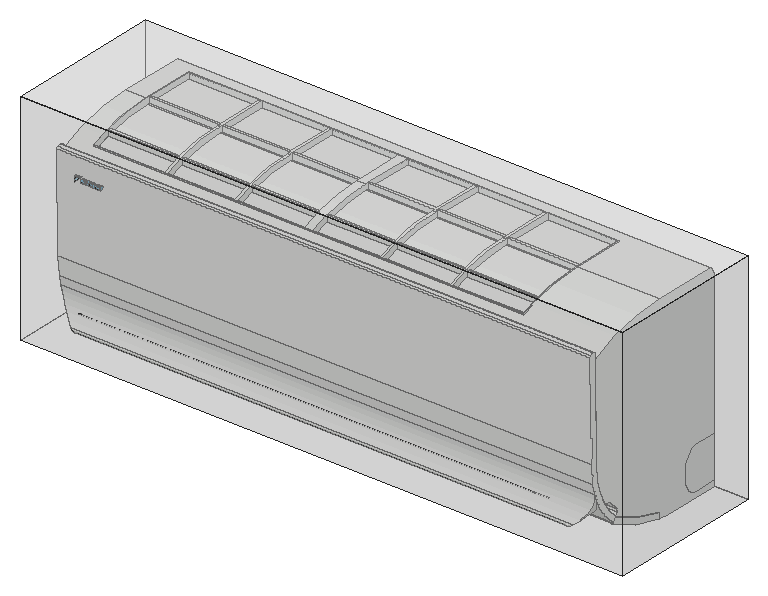
Revit family "outputfile", category 機械設備, Revit 2024
Family settings
  丸型コネクタ寸法 = 半径を使用
  パーツ タイプ = 標準
  OmniClass 番号 = 23.75.10.24.21.27.27
  OmniClass タイトル = Split System Air Conditioning Units
  作業面ベース = いいえ
  常に垂直 = はい
  ロード時にボイドで切り取り = いいえ
  注釈の向きを維持 = いいえ
  共有 = いいえ
  部屋計算ポイント = いいえ
Parameters (values of type "FTKQ09YV2S")
  製造元 = "Daikin"
  書き出し IFC クラス(タイプ) = "IfcUnitaryEquipmentType"
  定義済み IFC タイプ(タイプ) = "AIRCONDITIONINGUNIT"
  モデル = "FTKQ09YV2S"
  switch_frequency = yes
  r_Liquid Pipe Size = Liquid Pipe Size / 2  # 3.2 mm
  r_Gas Pipe Size = Gas Pipe Size / 2  # 4.75 mm
  r_Drain Pipe Size = Drain Pipe Size / 2  # 8.0 mm
  lw_powersupply [instance] = if(or(Right Connection_refrigerant, Left Connection_refrigerant), 348.0 mm, if(or(Rear Right Connection_refrigerant, Bottom Right Connection_refrigerant), 30.0 mm, 740.0 mm))  # 348.0 mm
  lw_liquidpipe [instance] = if(or(Right Connection_refrigerant, Left Connection_refrigerant), 433.0 mm, if(or(Rear Right Connection_refrigerant, Bottom Right Connection_refrigerant), 40.0 mm, 730.0 mm))  # 433.0 mm
  lw_gaspipe [instance] = if(or(Right Connection_refrigerant, Left Connection_refrigerant), if(Gas Pipe Size = 9.5 mm, 335.0 mm, 345.0 mm) + 48.0 mm, if(or(Rear Right Connection_refrigerant, Bottom Right Connection_refrigerant), 55.0 mm, 715.0 mm))  # 383.0 mm
  lw_drainpipe [instance] = if(or(Right Connection_refrigerant, Left Connection_refrigerant), 488.0 mm, if(or(Rear Right Connection_refrigerant, Bottom Right Connection_refrigerant), 55.0 mm, 715.0 mm))  # 488.0 mm
  l_powersupply_length [instance] = if(Right Connection_refrigerant, 348.0 mm, if(Left Connection_refrigerant, 422.0 mm, if(or(Rear Left Connection_refrigerant, Rear Right Connection_refrigerant), 20.0 mm, 50.0 mm)))  # 348.0 mm
  l_liquidpipe_length [instance] = if(Right Connection_refrigerant, 433.0 mm, if(Left Connection_refrigerant, 337.0 mm, if(or(Rear Left Connection_refrigerant, Rear Right Connection_refrigerant), 40.0 mm, 35.0 mm)))  # 433.0 mm
  l_gaspipe_length [instance] = if(Right Connection_refrigerant, if(Gas Pipe Size = 9.5 mm, 335.0 mm, 345.0 mm) + 48.0 mm, if(Left Connection_refrigerant, 770.0 mm - (if(Gas Pipe Size = 9.5 mm, 335.0 mm, 345.0 mm) + 48.0 mm), if(or(Rear Left Connection_refrigerant, Rear Right Connection_refrigerant), 40.0 mm, 50.0 mm)))  # 383.0 mm
  l_drainpipe_length [instance] = if(Right Connection_refrigerant, 488.0 mm, if(Left Connection_refrigerant, 282.0 mm, if(or(Rear Left Connection_refrigerant, Rear Right Connection_refrigerant), 20.0 mm, 25.0 mm)))  # 488.0 mm
  h*** = 0.0 mm  # constant formula
  connector_voltage = Voltage_50Hz  # 220 V
  connector_powerinput = [Power Input (Cooling)]  # 0.860 kW
  connector_phase = Phase_50Hz  # 1
  angle_vertical [instance] = if(or(Bottom Left Connection_refrigerant, Bottom Right Connection_refrigerant), 0.00°, 90.00°)  # 90.00°
  angle_horizontal [instance] = if(Right Connection_refrigerant, 90.00°, if(Left Connection_refrigerant, -90.00°, if(or(Rear Left Connection_refrigerant, Rear Right Connection_refrigerant), 180.00°, 0.00°)))  # 90.00°
  Width = 770.0 mm
  Voltage_comment_50Hz = "220 - 240"
  Voltage_50Hz = 220 V
  Version = "ver.1.0"
  Unit Type = "Wall Mounted"
  Unit Mass Weight = 8.00 kg
  Unit Designation [instance] = ""
  Uniclass2015Version = "Products v1.30"
  Uniclass2015Title = "Split coil room air conditioning units"
  Uniclass2015Code = "Pr_70_65_03_86"
  Total Cooling Capacity [instance] = 0.000 kW
  Sound Pressure Level_M speed (dBA) = 32
  Sound Pressure Level_L speed (dBA) = 27
  Sound Pressure Level_H speed (dBA) = 36
  Sound Power Level_H speed (dB) = 0
  Series = "Single Split_Fan Coil Unit"
  Sensible Cooling Capacity [instance] = 0.000 kW
  Refrigerant Type = "R32"
  Power Input (Cooling) = 0.860 kW
  Phase_50Hz = 1
  Option Accessory 3 [instance] = ""
  Option Accessory 2 [instance] = ""
  Option Accessory 1 [instance] = ""
  Nominal Cooling Capacity = 2.700 kW
  Minimum Airflow = 426.00 m³/h
  Median Airflow = 504.00 m³/h
  Maximum Airflow = 594.00 m³/h
  Material_Casing = DAIKIN_PureWhite_Casing_indoorunit
  Load Classification = HVAC
  Liquid Pipe Size = 6.4 mm
  Link_Nested Family [instance] = ""
  IfcVersion = ""
  IfcExportType = "AIRCONDITIONINGUNIT"
  IfcExportAs = "IfcUnitaryEquipmentType"
  Height = 285.0 mm
  Heat Exchanger Type = "Cross Fin Coil"
  Gas Pipe Size = 9.5 mm
  Frequency_50Hz = 50 Hz
  Fan Type = "Cross Flow Fan"
  Fan Drive = "Direct Drive"
  FCU Tag No. [instance] = ""
  Drain Pipe Size = 16.0 mm
  Design Supply Airflow [instance] = 0.00 m³/h
  Depth = 226.0 mm
  既定の高さ = 0.0 mm
  Cooling Entering Wet Bulb Temperature [instance] = 0.00 °C
  Cooling Entering Dry Bulb Temperature [instance] = 0.00 °C
  Cooling Ambient Wet Bulb Temperature [instance] = 0.00 °C
  Cooling Ambient Dry Bulb Temperature [instance] = 0.00 °C
  Clearance visibility [instance] = yes
  Clearance Top = 30.0 mm
  Clearance Right = 50.0 mm
  Clearance Rear = 0.0 mm
  Clearance Left = 50.0 mm
  Clearance Front = 0.0 mm
  Clearance Bottom = 0.0 mm
  Bottom Right Connection_refrigerant [instance] = no
  Bottom Left Connection_refrigerant [instance] = no
  Rear Right Connection_refrigerant [instance] = no
  Rear Left Connection_refrigerant [instance] = no
  Right Connection_refrigerant [instance] = yes
  Left Connection_refrigerant [instance] = no
Reference planes
  plane 1 "Back": y = 0
  plane 2: z = 0
  plane 3 "Center (Left/Right)": x = 0
  plane 4: y = -133
  plane 5: y = -266
  plane 6 "Left": x = -385
  plane 7 "Right": x = 385
  plane 8 "Top": z = 0
  plane 9: y = 0
  plane 10: z = -285
  plane 11 "Clearance Front": y = -226
  plane 12 "Bottom": z = -285
  plane 13: z = -285
  plane 14: z = 30
  plane 15 "Front": y = -226
  plane 16 "Clearance Rear": y = 0
  plane 17: x = 2
  plane 18: x = -48
  plane 19: x = -103
  plane 20: y = -40
  plane 21: y = -20
  plane 22: x = 37
  plane 23: x = -435
  plane 24: x = 435
  plane 25: x = 337
Forms (mm)
  Extrusion 1, solid, material "DAIKIN_PureWhite_Casing_indoorunit" <- "Material_Casing"
    sketch origin (-379, 1296.25, 1210) x (0, 1, 0) y (0, 0, 1)
      loop
        line (-1296.25, -1427) -> (-1326.25, -1427)
        arc (-1326.25, -1427) -> (-1340.393, -1432.858) -> (-1346.25, -1447) r 20
        line (-1346.25, -1447) -> (-1346.25, -1467)
        arc (-1346.25, -1467) -> (-1340.393, -1481.142) -> (-1326.25, -1487) r 20
        line (-1326.25, -1487) -> (-1296.25, -1487) -> (-1296.25, -1427)
    from 759 to 764
  Extrusion 2, solid, material "DAIKIN_PureWhite_Casing_indoorunit" <- "Material_Casing"
    sketch origin (-495, 1156.25, 1200) x (0, 1, 0) y (0, 0, 1)
      loop
        line (-1156.25, -1485) -> (-1156.25, -1208.5) -> (-1161.25, -1200) -> (-1254.25, -1200)
        arc (-1254.25, -1200) -> (-1314.413, -1207.347) -> (-1371.039, -1228.956) r 250
        arc (-1371.039, -1228.956) -> (-1370.963, -1294.87) -> (-1368.901, -1360.751) r 2186.827
        arc (-1368.901, -1360.751) -> (-1367.931, -1373.599) -> (-1366.216, -1386.369) r 221.844
        arc (-1366.216, -1386.369) -> (-1361.341, -1405) -> (-1353.083, -1422.397) r 103
        line (-1353.083, -1422.397) -> (-1345.22, -1422.397)
        arc (-1345.22, -1422.397) -> (-1343.826, -1422.741) -> (-1342.751, -1423.693) r 3
        arc (-1342.751, -1423.693) -> (-1337.001, -1431.196) -> (-1330.533, -1438.09) r 95
        arc (-1330.533, -1438.09) -> (-1329.645, -1439.831) -> (-1330.018, -1441.749) r 3
        line (-1330.018, -1441.749) -> (-1332.498, -1446.044)
        arc (-1332.498, -1446.044) -> (-1295.066, -1463.723) -> (-1255.079, -1474.437) r 231
        arc (-1255.079, -1474.437) -> (-1254.485, -1474.778) -> (-1254.25, -1475.422) r 1
        line (-1254.25, -1475.422) -> (-1254.25, -1483.703)
        arc (-1254.25, -1483.703) -> (-1250.776, -1484.245) -> (-1247.294, -1484.736) r 240
        arc (-1247.294, -1484.736) -> (-1245.313, -1484.934) -> (-1243.323, -1485) r 30
        line (-1243.323, -1485) -> (-1156.25, -1485)
    from 110 to 880
  Extrusion 3, solid, material "DAIKIN_PureWhite_Casing_indoorunit" <- "Material_Casing"
    sketch origin (-622.601, -1524, -230) x (-1, 0, 0) y (0, -1, 0)
      loop
        line (-996.615, -1494) -> (-996.615, -1524) -> (-936.615, -1524) -> (-936.615, -1494)
        arc (-936.615, -1494) -> (-942.473, -1479.858) -> (-956.615, -1474) r 20
        line (-956.615, -1474) -> (-976.615, -1474)
        arc (-976.615, -1474) -> (-990.757, -1479.858) -> (-996.615, -1494) r 20
      loop
        arc (-248.601, -1494) -> (-254.459, -1479.858) -> (-268.601, -1474) r 20
        line (-268.601, -1474) -> (-288.601, -1474)
        arc (-288.601, -1474) -> (-302.743, -1479.858) -> (-308.601, -1494) r 20
        line (-308.601, -1494) -> (-308.601, -1524) -> (-248.601, -1524) -> (-248.601, -1494)
    from -55 to -50
  Extrusion 4, solid, material "DAIKIN_PureWhite_Casing_indoorunit" <- "Material_Casing"
    sketch origin (0, 0, 10) x (1, 0, 0) y (0, 0, 1)
      loop
        circle (337, -250.5) r 32.5
      loop
        circle (-337, -250.5) r 32.5
    from 0 to 5
  Extrusion 5, solid, material "DAIKIN_PureWhite_Casing_indoorunit" <- "Material_Casing"
    sketch origin (489, 1296.25, 1210) x (0, 1, 0) y (0, 0, -1)
      loop
        line (-1296.25, 1427) -> (-1296.25, 1487) -> (-1326.25, 1487)
        arc (-1326.25, 1487) -> (-1340.393, 1481.142) -> (-1346.25, 1467) r 20
        line (-1346.25, 1467) -> (-1346.25, 1447)
        arc (-1346.25, 1447) -> (-1340.393, 1432.858) -> (-1326.25, 1427) r 20
        line (-1326.25, 1427) -> (-1296.25, 1427)
    from 869 to 874
  Extrusion 6, solid, material "DAIKIN_PureWhite_Casing_indoorunit" <- "Material_Casing"
    sketch origin (-385, 1156.25, 1200) x (0, 1, 0) y (0, 0, 1)
      loop
        arc (-1374.103, -1387.706) -> (-1361.832, -1423.213) -> (-1338.419, -1452.594) r 111
        arc (-1338.419, -1452.594) -> (-1337.834, -1452.764) -> (-1337.333, -1452.419) r 0.709
        line (-1337.333, -1452.419) -> (-1334.084, -1446.792)
        arc (-1334.084, -1446.792) -> (-1333.962, -1446.14) -> (-1334.274, -1445.556) r 1
        arc (-1334.274, -1445.556) -> (-1355.212, -1418.643) -> (-1366.216, -1386.369) r 103
        arc (-1366.216, -1386.369) -> (-1367.931, -1373.599) -> (-1368.901, -1360.751) r 221.844
        arc (-1368.901, -1360.751) -> (-1370.989, -1293.222) -> (-1370.99, -1225.661) r 2186.827
        arc (-1370.99, -1225.661) -> (-1370.93, -1221.937) -> (-1370.863, -1218.213) r 2192
        arc (-1370.863, -1218.213) -> (-1371.146, -1217.637) -> (-1371.78, -1217.535) r 0.7
        line (-1371.78, -1217.535) -> (-1377.538, -1219.406)
        arc (-1377.538, -1219.406) -> (-1378.425, -1219.99) -> (-1378.887, -1220.946) r 2
        arc (-1378.887, -1220.946) -> (-1379.035, -1290.894) -> (-1376.907, -1360.81) r 2149.92
        arc (-1376.907, -1360.81) -> (-1375.901, -1374.299) -> (-1374.103, -1387.706) r 229.911
    from 0 to 770
  Extrusion 7, solid, material "DAIKIN_PureWhite_Casing_indoorunit" <- "Material_Casing"
    sketch origin (-385, 1156.25, 1200) x (0, 1, 0) y (0, 0, 1)
      loop
        arc (-1336.569, -1454.09) -> (-1297.525, -1472.406) -> (-1255.834, -1483.439) r 240
        arc (-1255.834, -1483.439) -> (-1255.428, -1483.328) -> (-1255.25, -1482.946) r 0.5
        line (-1255.25, -1482.946) -> (-1255.25, -1475.422)
        arc (-1255.25, -1475.422) -> (-1295.171, -1464.749) -> (-1332.564, -1447.164) r 232
        arc (-1332.564, -1447.164) -> (-1332.945, -1447.112) -> (-1333.249, -1447.346) r 0.5
        line (-1333.249, -1447.346) -> (-1336.741, -1453.393)
        arc (-1336.741, -1453.393) -> (-1336.802, -1453.778) -> (-1336.569, -1454.09) r 0.5
    from 0 to 770
  Extrusion 8, solid, material "DAIKIN_PureWhite_Casing_indoorunit" <- "Material_Casing"
    sketch origin (-385, 1156.25, 1200) x (0, 1, 0) y (0, 0, 1)
      loop
        arc (-1371.046, -1401.088) -> (-1370.514, -1423.975) -> (-1381.552, -1444.032) r 44
        arc (-1381.552, -1444.032) -> (-1382.188, -1446.32) -> (-1380.625, -1448.108) r 2.5
        arc (-1380.625, -1448.108) -> (-1367.897, -1451.601) -> (-1354.751, -1452.778) r 74
        line (-1354.751, -1452.778) -> (-1338.211, -1452.778)
        arc (-1338.211, -1452.778) -> (-1358.264, -1429.242) -> (-1371.046, -1401.088) r 111
    from 0 to 770
  Extrusion 9, solid, material "DAIKIN_PureWhite_Casing_indoorunit" <- "Material_Casing"
    sketch origin (-385, 1156.25, 1200) x (0, 1, 0) y (0, 0, 1)
      loop
        line (-1254.32, -1208) -> (-1177.85, -1208) -> (-1177.85, -1200) -> (-1254.25, -1200)
        arc (-1254.25, -1200) -> (-1302.879, -1204.775) -> (-1349.65, -1218.918) r 250
        line (-1349.65, -1218.918) -> (-1349.65, -1227.568)
        arc (-1349.65, -1227.568) -> (-1302.979, -1212.942) -> (-1254.32, -1208) r 242
    from 29.359 to 650.764
  Extrusion 10, void
    sketch origin (-385, 1156.25, 1200) x (0, 1, 0) y (0, 0, 1)
      loop
        line (-1349.65, -1215.676) -> (-1349.65, -1227.568)
        arc (-1349.65, -1227.568) -> (-1302.979, -1212.942) -> (-1254.32, -1208) r 242
        line (-1254.32, -1208) -> (-1177.85, -1208) -> (-1177.85, -1197) -> (-1254.25, -1197)
        arc (-1254.25, -1197) -> (-1302.856, -1201.713) -> (-1349.65, -1215.676) r 253
    from 29.359 to 650.764
  Extrusion 11, void
    sketch origin (-610.615, -1524, -240) x (-1, 0, 0) y (0, -1, 0)
      loop
        line (-255.68, -1501.684) -> (-255.68, -1432.659) -> (-357.948, -1432.659) -> (-357.948, -1501.684) -> (-255.68, -1501.684)
      loop
        line (-361.28, -1501.684) -> (-361.28, -1432.659) -> (-459.048, -1432.659) -> (-459.048, -1501.684) -> (-361.28, -1501.684)
      loop
        line (-255.68, -1429.341) -> (-255.68, -1358.741) -> (-357.948, -1358.741) -> (-357.948, -1429.341) -> (-255.68, -1429.341)
      loop
        line (-255.68, -1356.618) -> (-255.68, -1331.319) -> (-357.948, -1331.319) -> (-357.948, -1356.618) -> (-255.68, -1356.618)
      loop
        line (-361.274, -1429.341) -> (-361.274, -1358.741) -> (-459.048, -1358.741) -> (-459.048, -1429.341) -> (-361.274, -1429.341)
      loop
        line (-361.274, -1356.618) -> (-361.274, -1331.319) -> (-459.048, -1331.319) -> (-459.048, -1356.618) -> (-361.274, -1356.618)
      loop
        line (-462.312, -1501.684) -> (-462.312, -1432.659) -> (-559.622, -1432.659) -> (-559.622, -1501.684) -> (-462.312, -1501.684)
      loop
        line (-462.306, -1429.341) -> (-462.306, -1358.741) -> (-559.622, -1358.741) -> (-559.622, -1429.341) -> (-462.306, -1429.341)
      loop
        line (-462.306, -1356.618) -> (-462.306, -1331.319) -> (-559.622, -1331.319) -> (-559.622, -1356.618) -> (-462.306, -1356.618)
      loop
        line (-571.622, -1501.684) -> (-571.622, -1432.659) -> (-668.931, -1432.659) -> (-668.931, -1501.684) -> (-571.622, -1501.684)
      loop
        line (-672.311, -1501.684) -> (-672.311, -1432.659) -> (-770.079, -1432.659) -> (-770.079, -1501.684) -> (-672.311, -1501.684)
      loop
        line (-571.622, -1429.341) -> (-571.622, -1358.741) -> (-668.925, -1358.741) -> (-668.925, -1429.341) -> (-571.622, -1429.341)
      loop
        line (-571.622, -1356.618) -> (-571.622, -1331.319) -> (-668.925, -1331.319) -> (-668.925, -1356.618) -> (-571.622, -1356.618)
      loop
        line (-672.311, -1429.341) -> (-672.311, -1358.741) -> (-770.079, -1358.741) -> (-770.079, -1429.341) -> (-672.311, -1429.341)
      loop
        line (-672.311, -1356.618) -> (-672.311, -1331.319) -> (-770.079, -1331.319) -> (-770.079, -1356.618) -> (-672.311, -1356.618)
      loop
        line (-773.411, -1501.684) -> (-773.411, -1432.659) -> (-875.679, -1432.659) -> (-875.679, -1501.684) -> (-773.411, -1501.684)
      loop
        line (-773.411, -1429.341) -> (-773.411, -1358.741) -> (-875.679, -1358.741) -> (-875.679, -1429.341) -> (-773.411, -1429.341)
      loop
        line (-773.411, -1356.618) -> (-773.411, -1331.319) -> (-875.679, -1331.319) -> (-875.679, -1356.618) -> (-773.411, -1356.618)
    from 208.902 to 245
  Extrusion 12, void
    sketch origin (-385, 1156.25, 1200) x (0, 1, 0) y (0, 0, 1)
      loop
        arc (-1339.36, -1455.929) -> (-1309.531, -1470.929) -> (-1277.928, -1481.699) r 243
        line (-1277.928, -1481.699) -> (-1275.103, -1471.068)
        arc (-1275.103, -1471.068) -> (-1305.332, -1460.762) -> (-1333.859, -1446.402) r 232
        line (-1333.859, -1446.402) -> (-1339.36, -1455.929)
    from 47 to 652
  Extrusion 13, solid, material "DAIKIN_PureWhite_Casing_indoorunit" <- "Material_Casing"
    sketch origin (-385, 1156.25, 1200) x (0, 1, 0) y (0, 0, 1)
      loop
        arc (-1336.998, -1453.838) -> (-1307.924, -1468.349) -> (-1277.157, -1478.8) r 240
        line (-1277.157, -1478.8) -> (-1275.103, -1471.068)
        arc (-1275.103, -1471.068) -> (-1304.871, -1460.955) -> (-1332.998, -1446.91) r 232
        line (-1332.998, -1446.91) -> (-1336.998, -1453.838)
    from 52.507 to 648.507
  Extrusion 14, void
    sketch origin (0, 0, 0) x (1, 0, 0) y (0, 0, 1)
      loop
        line (-395, -201.088) -> (-395, -259.424) -> (-333.271, -259.424) -> (-333.271, -252.778)
        arc (-333.271, -252.778) -> (-369.835, -237.641) -> (-385, -201.088) r 51.729
        line (-385, -201.088) -> (-395, -201.088)
    from 118.853 to 250
  Extrusion 15, void
    sketch origin (0, 0, 0) x (1, 0, 0) y (0, 0, 1)
      loop
        arc (385, -200.608) -> (369.72, -237.498) -> (332.829, -252.778) r 52.171
        line (332.829, -252.778) -> (332.829, -262.778) -> (392.829, -262.778) -> (392.829, -192.778) -> (385, -192.778) -> (385, -200.608)
    from 140.894 to 250
Cuts and joins
  Extrusion 10 cuts Extrusion 2
  Extrusion 11 cuts Extrusion 9
  Extrusion 12 cuts Extrusion 7
  Extrusion 14, Extrusion 15 cuts Extrusion 8
Lines and regions (mm)
  reference lines
    curve 1: line (-395.5, -222.696, -45.45) -> (-395.5, -222.696, -55.45)
Dimensions and locks
  equal spacing: plane 6 "Left", plane 3 "Center (Left/Right)", plane 7 "Right"
  "Width": plane 6 "Left" to plane 7 "Right"
  level to plane 10 = 285.0 mm
  locked: Extrusion 4 sketch curve to plane 6 "Left" at 48
  locked: plane 7 "Right" to Extrusion 4 sketch curve at 48
  locked: plane 8 "Top" to Extrusion 4 sketch curve at 240.5  (x2)
  locked: plane 6 "Left" to Extrusion 3 sketch curve at 11
  locked: Extrusion 3 sketch curve to Extrusion 3 sketch curve at 60  (x2)
  locked: Extrusion 3 sketch curve to plane 7 "Right" at 10.986
  "Height": plane 8 "Top" to plane 12 "Bottom"
  "Clearance Top": plane 14 to plane 8 "Top"
  "Clearance Bottom": plane 12 "Bottom" to plane 13
  "Depth": plane 15 "Front" to plane 1 "Back"
  "Clearance Front": plane 15 "Front" to plane 11 "Clearance Front"
  "Clearance Rear": plane 16 "Clearance Rear" to plane 1 "Back"
  locked: plane 1 "Back" to plane 20 at 40
  locked: plane 1 "Back" to plane 21 at 20
  "Clearance Left": plane 23 to plane 6 "Left"
  "Clearance Right": plane 7 "Right" to plane 24
  "lw_powersupply": plane 22 to plane 7 "Right"
  locked: plane 25 to plane 7 "Right" at 48
  "lw_gaspipe": plane 17 to plane 7 "Right"
  "lw_liquidpipe": plane 18 to plane 7 "Right"
  "lw_drainpipe": plane 19 to plane 7 "Right"
  aligned and locked: level to plane 2
  aligned and locked: nested 2 to curve 1
  aligned and locked: plane 7 "Right" to Extrusion 1
  aligned and locked: plane 19 to nested 3
  aligned and locked: plane 18 to nested 4
  aligned and locked: plane 22 to nested 5
  aligned and locked: plane 17 to nested 6
  aligned and locked: nested 6 to plane 20
  aligned and locked: nested 4 to plane 20
  aligned and locked: nested 3 to plane 21
  aligned and locked: nested 5 to plane 21
  aligned and locked: nested 1 to plane 16 "Clearance Rear"
  aligned and locked: plane 11 "Clearance Front" to nested 1
  aligned and locked: nested 1 to plane 13
  aligned and locked: nested 1 to plane 14
  aligned and locked: nested 1 to plane 23
  aligned and locked: plane 24 to nested 1
Automatic sketch dimensions
  Extrusion 1 sketch curve to plane 1 "Back" = 0.0 mm
  plane 1 "Back" to Extrusion 1 sketch curve = 30.0 mm  (x2)
  Extrusion 1 sketch curve to Extrusion 1 sketch curve = 20.0 mm  (x2)
  Extrusion 1 sketch curve to level = 277.0 mm
  Extrusion 2 sketch curve to Extrusion 2 sketch curve = 0.0 mm  (x8)
  Extrusion 2 sketch curve to level = 0.0 mm
  Extrusion 2 sketch curve to plane 10 = 0.0 mm
  Extrusion 2 sketch curve to plane 1 "Back" = 0.0 mm
  plane 1 "Back" to Extrusion 2 sketch curve = 5.0 mm
  plane 1 "Back" to Extrusion 2 sketch curve = 59.278 mm
  plane 4 to Extrusion 2 sketch curve = 45.927 mm
  plane 10 to Extrusion 2 sketch curve = 1.297 mm
  Extrusion 2 sketch curve to Extrusion 2 sketch curve = 10.927 mm
  plane 4 to Extrusion 2 sketch curve = 35.0 mm
  Extrusion 2 sketch curve to Extrusion 2 sketch curve = 1.0 mm
  plane 4 to Extrusion 2 sketch curve = 24.681 mm
  Extrusion 2 sketch curve to plane 4 = 40.768 mm
  Extrusion 2 sketch curve to Extrusion 2 sketch curve = 2.48 mm
  Extrusion 2 sketch curve to Extrusion 2 sketch curve = 2.598 mm
  Extrusion 2 sketch curve to Extrusion 2 sketch curve = 12.604 mm
  Extrusion 2 sketch curve to Extrusion 2 sketch curve = 7.862 mm
  Extrusion 2 sketch curve to plane 1 "Back" = 8.955 mm
  Extrusion 2 sketch curve to level = 59.408 mm
  Extrusion 2 sketch curve to Extrusion 2 sketch curve = 1962.872 mm
  Extrusion 2 sketch curve to Extrusion 2 sketch curve = 8.281 mm
  Extrusion 2 sketch curve to Extrusion 2 sketch curve = 20.422 mm
  Extrusion 2 sketch curve to Extrusion 2 sketch curve = 5.0 mm
  plane 10 to Extrusion 2 sketch curve = 38.956 mm
  Extrusion 2 sketch curve to Extrusion 2 sketch curve = 4.295 mm
  Extrusion 2 sketch curve to Extrusion 2 sketch curve = 1.5 mm
  Extrusion 2 sketch curve to Extrusion 2 sketch curve = 14.851 mm
  Extrusion 2 sketch curve to Extrusion 2 sketch curve = 3.0 mm
  Extrusion 2 sketch curve to Extrusion 2 sketch curve = 80.275 mm
  Extrusion 2 sketch curve to Extrusion 2 sketch curve = 19.254 mm
  Extrusion 2 sketch curve to level = 46.847 mm
  Extrusion 2 sketch curve to level = 8.5 mm
  Extrusion 2 sketch curve to Extrusion 2 sketch curve = 13.133 mm
  plane 1 "Back" to Extrusion 3 sketch curve = 0.0 mm  (x2)
  Extrusion 3 sketch curve to Extrusion 3 sketch curve = 20.0 mm  (x4)
  plane 1 "Back" to Extrusion 3 sketch curve = 30.0 mm  (x2)
  Extrusion 5 sketch curve to plane 1 "Back" = 0.0 mm
  plane 1 "Back" to Extrusion 5 sketch curve = 30.0 mm  (x2)
  Extrusion 5 sketch curve to Extrusion 5 sketch curve = 20.0 mm  (x2)
  Extrusion 5 sketch curve to level = 217.0 mm
  Extrusion 6 sketch curve to Extrusion 6 sketch curve = 0.0 mm  (x5)
  Extrusion 6 sketch curve to level = 19.406 mm
  Extrusion 6 sketch curve to Extrusion 6 sketch curve = 1.349 mm
  Extrusion 6 sketch curve to Extrusion 6 sketch curve = 0.618 mm
  Extrusion 6 sketch curve to level = 17.535 mm
  Extrusion 6 sketch curve to Extrusion 6 sketch curve = 5.759 mm
  Extrusion 6 sketch curve to Extrusion 6 sketch curve = 0.217 mm
  Extrusion 6 sketch curve to plane 4 = 48.697 mm
  Extrusion 6 sketch curve to Extrusion 6 sketch curve = 0.614 mm
  Extrusion 6 sketch curve to Extrusion 6 sketch curve = 2.997 mm
  Extrusion 6 sketch curve to Extrusion 6 sketch curve = 0.866 mm
  plane 4 to Extrusion 6 sketch curve = 24.681 mm
  Extrusion 6 sketch curve to plane 1 "Back" = 8.955 mm
  Extrusion 6 sketch curve to Extrusion 6 sketch curve = 0.067 mm
  Extrusion 6 sketch curve to level = 60.455 mm
  Extrusion 6 sketch curve to Extrusion 6 sketch curve = 44.907 mm
  Extrusion 6 sketch curve to Extrusion 6 sketch curve = 5.173 mm
  Extrusion 6 sketch curve to level = 150.462 mm
  Extrusion 6 sketch curve to Extrusion 6 sketch curve = 0.008 mm
  Extrusion 6 sketch curve to Extrusion 6 sketch curve = 19.254 mm
  Extrusion 6 sketch curve to Extrusion 6 sketch curve = 76.567 mm
  Extrusion 6 sketch curve to Extrusion 6 sketch curve = 0.5 mm
  Extrusion 6 sketch curve to Extrusion 6 sketch curve = 5.772 mm
  Extrusion 6 sketch curve to Extrusion 6 sketch curve = 1.017 mm
  Extrusion 6 sketch curve to Extrusion 6 sketch curve = 0.03 mm
  Extrusion 6 sketch curve to Extrusion 6 sketch curve = 0.665 mm
  plane 5 to Extrusion 6 sketch curve = 45.344 mm
  Extrusion 6 sketch curve to Extrusion 6 sketch curve = 5.93 mm
  Extrusion 6 sketch curve to Extrusion 6 sketch curve = 7.888 mm
  Extrusion 7 sketch curve to plane 4 = 47.49 mm
  Extrusion 7 sketch curve to Extrusion 7 sketch curve = 0.424 mm
  Extrusion 7 sketch curve to Extrusion 7 sketch curve = 3.491 mm
  Extrusion 7 sketch curve to Extrusion 7 sketch curve = 0.433 mm
  plane 4 to Extrusion 7 sketch curve = 33.5 mm
  Extrusion 7 sketch curve to Extrusion 7 sketch curve = 0.5 mm
  plane 1 "Back" to Extrusion 7 sketch curve = 59.278 mm
  Extrusion 7 sketch curve to Extrusion 7 sketch curve = 0.0 mm  (x4)
  Extrusion 7 sketch curve to level = 282.946 mm
  Extrusion 7 sketch curve to Extrusion 7 sketch curve = 7.524 mm
  Extrusion 7 sketch curve to Extrusion 7 sketch curve = 21.764 mm
  Extrusion 7 sketch curve to Extrusion 7 sketch curve = 0.265 mm
  Extrusion 7 sketch curve to Extrusion 7 sketch curve = 6.062 mm
  Extrusion 7 sketch curve to Extrusion 7 sketch curve = 0.25 mm
  Extrusion 7 sketch curve to level = 46.848 mm
  Extrusion 7 sketch curve to Extrusion 7 sketch curve = 0.084 mm
  plane 5 to Extrusion 8 sketch curve = 8.997 mm
  plane 5 to Extrusion 8 sketch curve = 42.5 mm
  Extrusion 8 sketch curve to Extrusion 8 sketch curve = 25.0 mm
  Extrusion 8 sketch curve to Extrusion 8 sketch curve = 16.54 mm
  plane 4 to Extrusion 8 sketch curve = 24.681 mm
  Extrusion 8 sketch curve to level = 252.778 mm
  Extrusion 8 sketch curve to Extrusion 8 sketch curve = 7.013 mm
  Extrusion 8 sketch curve to Extrusion 8 sketch curve = 32.246 mm
  Extrusion 8 sketch curve to Extrusion 8 sketch curve = 34.741 mm
  Extrusion 8 sketch curve to Extrusion 8 sketch curve = 9.054 mm
  Extrusion 8 sketch curve to Extrusion 8 sketch curve = 1.801 mm
  Extrusion 8 sketch curve to Extrusion 8 sketch curve = 0.0 mm  (x2)
  Extrusion 8 sketch curve to Extrusion 8 sketch curve = 16.296 mm
  Extrusion 9 sketch curve to level = 0.0 mm
  Extrusion 9 sketch curve to level = 18.918 mm
  Extrusion 9 sketch curve to plane 4 = 60.4 mm
  Extrusion 9 sketch curve to level = 8.0 mm
  plane 4 to Extrusion 9 sketch curve = 34.93 mm
  Extrusion 9 sketch curve to Extrusion 9 sketch curve = 0.07 mm
  plane 1 "Back" to Extrusion 9 sketch curve = 21.6 mm
  Extrusion 9 sketch curve to Extrusion 9 sketch curve = 0.0 mm
  Extrusion 10 sketch curve to level = 27.568 mm
  Extrusion 10 sketch curve to plane 4 = 60.4 mm
  plane 4 to Extrusion 10 sketch curve = 34.93 mm
  level to Extrusion 10 sketch curve = 3.0 mm
  Extrusion 10 sketch curve to Extrusion 10 sketch curve = 0.07 mm
  plane 1 "Back" to Extrusion 10 sketch curve = 21.6 mm
  Extrusion 10 sketch curve to Extrusion 10 sketch curve = 222.432 mm
  Extrusion 10 sketch curve to Extrusion 10 sketch curve = 0.0 mm
  plane 4 to Extrusion 11 sketch curve = 38.341 mm
  Extrusion 11 sketch curve to plane 7 "Right" = 119.936 mm
  Extrusion 11 sketch curve to Extrusion 11 sketch curve = 0.0 mm  (x22)
  plane 1 "Back" to Extrusion 11 sketch curve = 22.316 mm  (x3)
  Extrusion 11 sketch curve to Extrusion 11 sketch curve = 102.268 mm
  Extrusion 11 sketch curve to Extrusion 11 sketch curve = 3.332 mm  (x3)
  plane 3 "Center (Left/Right)" to Extrusion 11 sketch curve = 61.696 mm  (x2)
  Extrusion 11 sketch curve to Extrusion 11 sketch curve = 3.38 mm
  Extrusion 11 sketch curve to Extrusion 11 sketch curve = 3.386 mm
  Extrusion 11 sketch curve to Extrusion 11 sketch curve = 0.006 mm  (x3)
  Extrusion 11 sketch curve to plane 3 "Center (Left/Right)" = 38.993 mm  (x2)
  Extrusion 11 sketch curve to Extrusion 11 sketch curve = 12.0 mm  (x2)
  plane 4 to Extrusion 11 sketch curve = 41.659 mm  (x3)
  Extrusion 11 sketch curve to Extrusion 11 sketch curve = 97.309 mm
  Extrusion 11 sketch curve to plane 4 = 32.259 mm  (x4)
  Extrusion 11 sketch curve to Extrusion 11 sketch curve = 3.264 mm
  Extrusion 11 sketch curve to Extrusion 11 sketch curve = 3.258 mm  (x2)
  Extrusion 11 sketch curve to Extrusion 11 sketch curve = 97.768 mm
  Extrusion 11 sketch curve to Extrusion 11 sketch curve = 3.326 mm
  plane 6 "Left" to Extrusion 11 sketch curve = 30.066 mm
  Extrusion 11 sketch curve to Extrusion 11 sketch curve = 3.317 mm  (x5)
  Extrusion 11 sketch curve to Extrusion 11 sketch curve = 2.124 mm  (x6)
  Extrusion 11 sketch curve to Extrusion 11 sketch curve = 25.299 mm  (x5)
  plane 4 to Extrusion 12 sketch curve = 11.323 mm
  Extrusion 12 sketch curve to Extrusion 12 sketch curve = 2.825 mm
  Extrusion 12 sketch curve to Extrusion 12 sketch curve = 0.0 mm  (x2)
  Extrusion 12 sketch curve to level = 281.699 mm
  Extrusion 12 sketch curve to Extrusion 12 sketch curve = 10.631 mm
  Extrusion 13 sketch curve to plane 4 = 47.748 mm
  Extrusion 13 sketch curve to Extrusion 13 sketch curve = 4.0 mm
  plane 4 to Extrusion 13 sketch curve = 12.093 mm
  Extrusion 13 sketch curve to Extrusion 13 sketch curve = 2.054 mm
  plane 1 "Back" to Extrusion 13 sketch curve = 59.278 mm
  Extrusion 13 sketch curve to Extrusion 13 sketch curve = 0.0 mm
  Extrusion 13 sketch curve to level = 278.8 mm
  Extrusion 13 sketch curve to Extrusion 13 sketch curve = 7.732 mm
  Extrusion 13 sketch curve to Extrusion 13 sketch curve = 17.23 mm
  Extrusion 13 sketch curve to Extrusion 13 sketch curve = 6.928 mm
  Extrusion 12 sketch curve to plane 4 = 50.109 mm
  plane 1 "Back" to Extrusion 12 sketch curve = 59.278 mm
  Extrusion 12 sketch curve to Extrusion 12 sketch curve = 15.14 mm
  Extrusion 12 sketch curve to Extrusion 12 sketch curve = 5.5 mm
  Extrusion 14 sketch curve to plane 6 "Left" = 10.0 mm
  plane 6 "Left" to Extrusion 14 sketch curve = 0.0 mm
  plane 7 "Right" to Extrusion 15 sketch curve = 7.829 mm
  Extrusion 15 sketch curve to plane 7 "Right" = 0.0 mm
  Extrusion 6 sketch curve to plane 4 = 87.67 mm
  Extrusion 6 sketch curve to Extrusion 6 sketch curve = 1.902 mm
  Extrusion 6 sketch curve to Extrusion 6 sketch curve = 2.804 mm
  plane 6 "Left" to Extrusion 14 sketch curve = 51.729 mm
  Extrusion 14 sketch curve to Extrusion 14 sketch curve = 6.646 mm
  Extrusion 15 sketch curve to Extrusion 15 sketch curve = 10.0 mm
  Extrusion 14 sketch curve to level = 259.424 mm
  Extrusion 14 sketch curve to Extrusion 14 sketch curve = 58.337 mm
  Extrusion 15 sketch curve to plane 7 "Right" = 52.171 mm
  Extrusion 15 sketch curve to level = 262.778 mm
  Extrusion 15 sketch curve to Extrusion 15 sketch curve = 7.829 mm
  plane 5 to curve 1 = 43.304 mm
  curve 1 to level = 55.45 mm
  curve 1 to curve 1 = 10.0 mm
  radius of Extrusion 4 sketch curve = 32.5 mm  (x2)
Nested families
  nested 1: "daikin_clearancespace" at (0, -113, -127.381), show <- "Clearance visibility", visible <- "Clearance visibility", Link_Nested Family <- "Link_Nested Family", type "daikin_clearancespace"
    with width 870.0 mm, show yes, height 315.0 mm, depth 226.0 mm, Link_Nested Family ""
  nested 2: "daikin_logo_plane_w40" at (-338, -222.696, -45) x (1, 0, 0) z (0, -1, 0), type "daikin_logo_plane_w40"
    with show_logo yes
  nested 3: "daikin_connector_rotate3" at (-103, -20, -260), angle_vertical <- "angle_vertical", angle_horizontal <- "angle_horizontal", length <- "l_drainpipe_length", radius <- "r_Drain Pipe Size", type "daikin_connector_rotate3"
    with show no, radius 8.0 mm, length 488.0 mm, angle_vertical 90.00°, angle_horizontal 90.00°
  nested 4: "daikin_connector_rotate3" at (-48, -40, -250), angle_vertical <- "angle_vertical", angle_horizontal <- "angle_horizontal", length <- "l_liquidpipe_length", radius <- "r_Liquid Pipe Size", type "daikin_connector_rotate3"
    with show no, radius 3.2 mm, length 433.0 mm, angle_vertical 90.00°, angle_horizontal 90.00°
  nested 5: "daikin_connector_rotate3" at (37, -20, -235), angle_vertical <- "angle_vertical", angle_horizontal <- "angle_horizontal", length <- "l_powersupply_length", type "daikin_connector_rotate3"
    with show no, radius 10.0 mm, length 348.0 mm, angle_vertical 90.00°, angle_horizontal 90.00°
  nested 6: "daikin_connector_rotate3" at (2, -40, -235), angle_vertical <- "angle_vertical", angle_horizontal <- "angle_horizontal", length <- "l_gaspipe_length", radius <- "r_Gas Pipe Size", type "daikin_connector_rotate3"
    with show no, radius 4.75 mm, length 383.0 mm, angle_vertical 90.00°, angle_horizontal 90.00°
Connectors
  electrical at (385, -20, -235), driven by "Load Classification", driven by "connector_voltage", driven by "connector_phase", driven by "connector_powerinput"
    settings: on nested 5, index 1, voltage 220 V, apparent load 860 VA, apparent load phase1 0 VA, apparent load phase2 0 VA, apparent load phase3 0 VA, power factor 1, load classification "HVAC", number of poles 1, system type 30, power factor state 1, is connector primary yes, connector utility no, sub classification motor no, connector description "Power Supply"
  piping at (385, -20, -260), diameter 16, driven by "r_Drain Pipe Size"
    settings: on nested 3, index 2, connector inside diameter 609.6 mm, connector length 0.0 mm, flow factor 0, pipe flow 0.00 m³/h, pressure drop 0.0 Pa, fitting loss kfactor 0, connector angle 0.00°, fixture units 0, engagement length 0.0 mm, angle of deflection 0.00°, flow configuration 1, flow direction 2, fitting loss method 4, system type 16, joint type 0, gender type 0, connector reference index -1, connector utility 0, adjustable connector no, is connector primary yes, connector description "Condensate Drain Piping"
  piping at (385, -40, -235), diameter 9.5, driven by "r_Gas Pipe Size"
    settings: on nested 6, index 3, connector inside diameter 609.6 mm, connector length 0.0 mm, flow factor 0, pipe flow 0.00 m³/h, pressure drop 0.0 Pa, fitting loss kfactor 0, connector angle 0.00°, fixture units 0, engagement length 0.0 mm, angle of deflection 0.00°, flow configuration 1, flow direction 2, fitting loss method 0, system type 29, joint type 0, gender type 0, connector reference index -1, connector utility 0, adjustable connector no, is connector primary no, connector description "Refrigerant Gas Piping"
  piping at (385, -40, -250), diameter 6.4, driven by "r_Liquid Pipe Size"
    settings: on nested 4, index 4, connector inside diameter 609.6 mm, connector length 0.0 mm, flow factor 0, pipe flow 0.00 m³/h, pressure drop 0.0 Pa, fitting loss kfactor 0, connector angle 0.00°, fixture units 0, engagement length 0.0 mm, angle of deflection 0.00°, flow configuration 1, flow direction 1, fitting loss method 0, system type 29, joint type 0, gender type 0, connector reference index -1, connector utility 0, adjustable connector no, is connector primary no, connector description "Refrigerant Liquid Piping"
Definition of nested family "daikin_clearancespace"
  Parameters (values of type "daikin_clearancespace")
    Description = "daikin_clearancespace"
    width [instance] = 1823.963 mm
    show [instance] = yes
    material = none
    height [instance] = 1359.762 mm
    depth [instance] = 880.0 mm
    Default Elevation = 0.0 mm
    Link_Nested Family [instance] = ""
  Reference planes
    plane 1 "Center (Front/Back)": y = 0
    plane 2 "Center (Elevation)": z = -0.119
    plane 3 "Center (Left/Right)": x = 0
    plane 4: y = 440
    plane 5: y = -440
    plane 6 "Right": x = 911.982
    plane 7 "Left": x = -911.982
    plane 8 "Top": z = 679.762
    plane 9 "Bottom": z = -680
  Forms (mm)
    Extrusion 1, solid, material <- "material", visible <- "show"
      sketch origin (0, 0, 0) x (1, 0, 0) y (0, 1, 0)
        loop
          line (-911.982, 440) -> (-911.982, -440) -> (911.982, -440) -> (911.982, 440) -> (-911.982, 440)
      from -680 to 679.762
  Lines and regions (mm)
    symbolic lines, visible <- "show"
      curve 1: line (911.982, 440, 0) -> (-911.982, 440, 0)
      curve 2: line (-911.982, 440, 0) -> (-911.982, -440, 0)
      curve 3: line (-911.982, -440, 0) -> (911.982, -440, 0)
      curve 4: line (911.982, -440, 0) -> (911.982, 440, 0)
      curve 5: line (911.982, 0, 679.762) -> (-911.982, 0, 679.762)
      curve 6: line (911.982, 0, -680) -> (911.982, 0, 679.762)
      curve 7: line (-911.982, 0, -680) -> (911.982, 0, -680)
      curve 8: line (-911.982, 0, 679.762) -> (-911.982, 0, -680)
      curve 9: line (0, 440, 679.762) -> (0, -440, 679.762)
      curve 10: line (0, -440, 679.762) -> (0, -440, -680)
      curve 11: line (0, 440, -680) -> (0, 440, 679.762)
      curve 12: line (0, -440, -680) -> (0, 440, -680)
  Dimensions and locks
    "width": plane 7 "Left" to plane 6 "Right"
    "depth": plane 4 to plane 5
    "height": plane 8 "Top" to plane 9 "Bottom"
    equal spacing: plane 7 "Left", plane 3 "Center (Left/Right)", plane 6 "Right"
    equal spacing: plane 4, plane 1 "Center (Front/Back)", plane 5
    equal spacing: plane 8 "Top", plane 2 "Center (Elevation)", plane 9 "Bottom"
    aligned and locked: level to plane 2 "Center (Elevation)"
    aligned and locked: Extrusion 1 sketch curve to plane 4
    aligned and locked: plane 7 "Left" to Extrusion 1 sketch curve
    aligned and locked: Extrusion 1 sketch curve to plane 5
    aligned and locked: Extrusion 1 sketch curve to plane 6 "Right"
    aligned and locked: plane 8 "Top" to Extrusion 1
    aligned and locked: curve 1 to Extrusion 1
    aligned and locked: curve 2 to Extrusion 1
    aligned and locked: curve 3 to Extrusion 1
    aligned and locked: curve 4 to Extrusion 1
    aligned and locked: curve 5 to Extrusion 1
    aligned and locked: curve 6 to Extrusion 1
    aligned and locked: curve 7 to Extrusion 1
    aligned and locked: curve 8 to Extrusion 1
    aligned and locked: curve 9 to Extrusion 1
    aligned and locked: curve 10 to Extrusion 1
    aligned and locked: curve 11 to Extrusion 1
    aligned and locked: curve 12 to Extrusion 1
    aligned and locked: Extrusion 1 to plane 9 "Bottom"
Definition of nested family "daikin_logo_plane_w40"
  Parameters (values of type "daikin_logo_plane_w40")
    width = 40.0 mm
    show_logo [instance] = yes
    material = none
    height = 0.0 mm
    depth = 0.0 mm
    Default Elevation = 1219.2 mm
  Reference planes
    plane 1 "Center (Front/Back)": y = 0
    plane 2: z = 0
    plane 3 "Center (Left/Right)": x = 0
    plane 4: z = 2
    plane 5 "left": x = -19
    plane 6: x = 19
  Forms (mm)
    Extrusion 1, solid, visible <- "show_logo"
      sketch origin (-19, 0, 0) x (1, 0, 0) y (0, 1, 0)
        loop
          line (8.902, -1.878) -> (7.789, -6.332) -> (11.13, -6.332)
          arc (11.13, -6.332) -> (12.454, -6.064) -> (13.472, -5.176) r 2.642
          arc (13.472, -5.176) -> (13.92, -4.02) -> (13.767, -2.79) r 2.537
          arc (13.767, -2.79) -> (13.452, -2.342) -> (12.982, -2.06) r 1.321
          arc (12.982, -2.06) -> (12.063, -1.902) -> (11.13, -1.878) r 6.479
          line (11.13, -1.878) -> (8.902, -1.878)
        loop
          line (10.016, -5.441) -> (10.907, -5.441)
          arc (10.907, -5.441) -> (11.591, -4.983) -> (11.988, -4.261) r 1.742
          spline (11.988, -4.261) -> (12.01, -4.155) -> (12.027, -4.03) -> (12.037, -3.893) -> (12.037, -3.747) -> (12.026, -3.598) -> (12.002, -3.451) -> (11.962, -3.31) -> (11.905, -3.181) -> (11.829, -3.069) -> (11.731, -2.978) -> (11.61, -2.913) -> (11.464, -2.88)
          line (11.464, -2.88) -> (10.573, -2.88) -> (10.016, -5.441)
        loop
          line (13.58, -6.332) -> (14.805, -6.332) -> (15.223, -5.553) -> (16.977, -5.553) -> (17.144, -6.332) -> (19.149, -6.332) -> (18.258, -1.878) -> (16.03, -1.878) -> (13.58, -6.332)
        loop
          line (16.476, -3.214) -> (15.76, -4.551) -> (16.762, -4.551) -> (16.476, -3.214)
        loop
          line (19.705, -6.332) -> (21.599, -6.332) -> (22.712, -1.878) -> (20.819, -1.878) -> (19.705, -6.332)
        loop
          line (22.712, -6.332) -> (24.606, -6.332) -> (24.908, -5.122) -> (25.831, -6.332) -> (28.17, -6.332) -> (26.388, -3.994) -> (28.949, -1.878) -> (26.945, -1.878) -> (25.401, -3.153) -> (25.719, -1.878) -> (23.826, -1.878) -> (22.712, -6.332)
        loop
          line (29.84, -1.878) -> (28.615, -6.332) -> (30.62, -6.332) -> (31.734, -1.878) -> (29.84, -1.878)
        loop
          line (31.734, -6.332) -> (33.07, -6.332) -> (33.7, -3.814) -> (34.518, -6.332) -> (36.745, -6.332) -> (37.859, -1.878) -> (36.523, -1.878) -> (35.845, -4.589) -> (34.963, -1.878) -> (32.847, -1.878) -> (31.734, -6.332)
      from 0 to 2
    Extrusion 2, solid, visible <- "show_logo"
      sketch origin (-19, 0, 0) x (1, 0, 0) y (0, 1, 0)
        loop
          line (8.7, 0) -> (4.235, 0) -> (0, -3.879) -> (0, -8) -> (8.7, 0)
      from 0 to 2
    Extrusion 3, solid, visible <- "show_logo"
      sketch origin (-19, 0, 0) x (1, 0, 0) y (0, 1, 0)
        loop
          line (0, 0) -> (0, -3.879) -> (4.235, 0) -> (0, 0)
      from 0 to 2
  Dimensions and locks
    plane 4 to plane 2 = 2.0 mm
    equal spacing: plane 5 "left", plane 3 "Center (Left/Right)", plane 6
    locked: plane 5 "left" to plane 6 at 38
    aligned and locked: level to plane 2
    aligned and locked: Extrusion 3 to plane 1 "Center (Front/Back)"  (x2)
    aligned and locked: Extrusion 2 to plane 1 "Center (Front/Back)"  (x2)
    aligned and locked: plane 4 to Extrusion 1
    aligned and locked: plane 4 to Extrusion 3
    aligned and locked: plane 4 to Extrusion 2
    aligned and locked: Extrusion 3 to plane 5 "left"
    aligned and locked: Extrusion 2 to plane 5 "left"
  Automatic sketch dimensions
    Extrusion 1 sketch curve to Extrusion 1 sketch curve = 0.901 mm
    Extrusion 1 sketch curve to Extrusion 1 sketch curve = 1.559 mm
    Extrusion 1 sketch curve to Extrusion 1 sketch curve = 1.327 mm
    Extrusion 1 sketch curve to Extrusion 1 sketch curve = 2.145 mm
    Extrusion 1 sketch curve to Extrusion 1 sketch curve = 1.448 mm
    Extrusion 1 sketch curve to Extrusion 1 sketch curve = 2.116 mm
    Extrusion 1 sketch curve to Extrusion 1 sketch curve = 1.114 mm  (x4)
    Extrusion 1 sketch curve to Extrusion 1 sketch curve = 1.336 mm  (x2)
    plane 1 "Center (Front/Back)" to Extrusion 1 sketch curve = 1.878 mm  (x5)
    Extrusion 1 sketch curve to Extrusion 1 sketch curve = 1.893 mm  (x5)
    Extrusion 1 sketch curve to Extrusion 1 sketch curve = 0.891 mm  (x4)
    Extrusion 1 sketch curve to Extrusion 1 sketch curve = 2.005 mm  (x3)
    Extrusion 1 sketch curve to Extrusion 1 sketch curve = 0.445 mm  (x2)
    plane 1 "Center (Front/Back)" to Extrusion 1 sketch curve = 3.994 mm
    Extrusion 1 sketch curve to Extrusion 1 sketch curve = 0.557 mm  (x2)
    Extrusion 1 sketch curve to Extrusion 1 sketch curve = 2.339 mm  (x2)
    Extrusion 1 sketch curve to Extrusion 1 sketch curve = 1.225 mm  (x3)
    plane 1 "Center (Front/Back)" to Extrusion 1 sketch curve = 3.153 mm
    Extrusion 1 sketch curve to Extrusion 1 sketch curve = 0.987 mm
    plane 1 "Center (Front/Back)" to Extrusion 1 sketch curve = 5.122 mm
    Extrusion 1 sketch curve to Extrusion 1 sketch curve = 0.922 mm
    plane 1 "Center (Front/Back)" to Extrusion 1 sketch curve = 6.332 mm
    Extrusion 1 sketch curve to Extrusion 1 sketch curve = 2.562 mm
    plane 1 "Center (Front/Back)" to Extrusion 1 sketch curve = 5.553 mm
    Extrusion 1 sketch curve to Extrusion 1 sketch curve = 0.167 mm
    Extrusion 1 sketch curve to Extrusion 1 sketch curve = 0.215 mm
    plane 1 "Center (Front/Back)" to Extrusion 1 sketch curve = 3.214 mm
    Extrusion 1 sketch curve to Extrusion 1 sketch curve = 0.286 mm
    plane 1 "Center (Front/Back)" to Extrusion 1 sketch curve = 4.551 mm
    Extrusion 1 sketch curve to Extrusion 1 sketch curve = 1.002 mm
    Extrusion 1 sketch curve to Extrusion 1 sketch curve = 0.537 mm
    Extrusion 1 sketch curve to Extrusion 1 sketch curve = 0.418 mm
    Extrusion 1 sketch curve to Extrusion 1 sketch curve = 1.028 mm
    plane 1 "Center (Front/Back)" to Extrusion 1 sketch curve = 4.261 mm
    Extrusion 1 sketch curve to Extrusion 1 sketch curve = 0.563 mm
    plane 1 "Center (Front/Back)" to Extrusion 1 sketch curve = 2.88 mm
    Extrusion 1 sketch curve to Extrusion 1 sketch curve = 1.088 mm
    Extrusion 1 sketch curve to Extrusion 1 sketch curve = 2.152 mm
    Extrusion 1 sketch curve to Extrusion 1 sketch curve = 0.586 mm
    Extrusion 1 sketch curve to Extrusion 1 sketch curve = 0.118 mm
    Extrusion 1 sketch curve to Extrusion 1 sketch curve = 0.298 mm
    Extrusion 1 sketch curve to Extrusion 1 sketch curve = 0.334 mm
    Extrusion 1 sketch curve to Extrusion 1 sketch curve = 0.223 mm
    Extrusion 1 sketch curve to Extrusion 1 sketch curve = 0.266 mm
    Extrusion 1 sketch curve to Extrusion 1 sketch curve = 1.671 mm
    Extrusion 1 sketch curve to Extrusion 1 sketch curve = 2.227 mm
    Extrusion 1 sketch curve to Extrusion 1 sketch curve = 0.0 mm  (x7)
    Extrusion 1 sketch curve to Extrusion 1 sketch curve = 3.453 mm
    Extrusion 1 sketch curve to Extrusion 1 sketch curve = 2.017 mm
    Extrusion 1 sketch curve to Extrusion 1 sketch curve = 0.78 mm  (x2)
    Extrusion 1 sketch curve to Extrusion 1 sketch curve = 1.743 mm
    Extrusion 1 sketch curve to Extrusion 1 sketch curve = 0.775 mm
    Extrusion 1 sketch curve to Extrusion 1 sketch curve = 0.552 mm
    Extrusion 1 sketch curve to Extrusion 1 sketch curve = 0.014 mm
    Extrusion 1 sketch curve to Extrusion 1 sketch curve = 0.952 mm
    Extrusion 1 sketch curve to Extrusion 1 sketch curve = 1.215 mm
    Extrusion 1 sketch curve to Extrusion 1 sketch curve = 0.108 mm
    plane 1 "Center (Front/Back)" to Extrusion 2 sketch curve = 0.0 mm
    Extrusion 2 sketch curve to plane 3 "Center (Left/Right)" = 19.0 mm
    Extrusion 2 sketch curve to plane 3 "Center (Left/Right)" = 14.765 mm
    Extrusion 2 sketch curve to Extrusion 2 sketch curve = 4.465 mm
    plane 1 "Center (Front/Back)" to Extrusion 2 sketch curve = 3.879 mm
    Extrusion 2 sketch curve to Extrusion 2 sketch curve = 4.12 mm
    plane 1 "Center (Front/Back)" to Extrusion 3 sketch curve = 0.0 mm
    Extrusion 3 sketch curve to plane 3 "Center (Left/Right)" = 19.0 mm
    Extrusion 3 sketch curve to plane 3 "Center (Left/Right)" = 14.765 mm
    plane 1 "Center (Front/Back)" to Extrusion 3 sketch curve = 3.879 mm
    Extrusion 1 sketch curve to plane 3 "Center (Left/Right)" = 11.211 mm
    Extrusion 1 sketch curve to Extrusion 1 sketch curve = 1.782 mm
Definition of nested family "daikin_connector_rotate3"
  Parameters (values of type "daikin_connector_rotate3")
    show [instance] = yes
    radius [instance] = 10.0 mm
    length [instance] = 600.0 mm
    angle_horizontal [instance] = 60.00°
    angle_vertical [instance] = 90.00°
    Default Elevation = 1219.2 mm
  Reference planes
    plane 1 "Center (Front/Back)": y = 0
    plane 2: z = 0
    plane 3 "Center (Left/Right)": x = 0
  Dimensions and locks
    "angle_horizontal": angle plane 3 "Center (Left/Right)" to nested 1
    aligned and locked: level to plane 2
    aligned and locked: plane 1 "Center (Front/Back)" to nested 1  (x2)
    aligned and locked: plane 3 "Center (Left/Right)" to nested 1
  Nested families
    nested 1: "daikin_connector_rotate2" at (0, 0, 0) x (0.5, 0.866, 0) z (0, 0, 1), angle_vertical <- "angle_vertical", length <- "length", radius <- "radius", type "daikin_connector_rotate2"
      with radius 10.0 mm, length 600.0 mm, angle_vertical 90.00°
  Definition of nested family "daikin_connector_rotate2"
    Parameters (values of type "daikin_connector_rotate2")
      show_face = yes
      radius [instance] = 10.0 mm
      length [instance] = 600.0 mm
      d_surface = 10.0 mm
      angle_vertical [instance] = 90.00°
      Default Elevation = 0.0 mm
    Reference planes
      plane 1 "Center (Front/Back)": y = 0
      plane 2: z = 0
      plane 3 "Center (Left/Right)": x = 0
    Forms (mm)
      Extrusion 1, solid, visible <- "show_face"
        sketch origin (0, -600, 0) x (1, 0, 0) y (0, 0, 1)
          loop
            circle (0, 0) r 10
        from 0 to -10
    Lines and regions (mm)
      reference lines
        curve 1: line (0, 0, 0) -> (0, -600, 0)
      symbolic lines
        curve 2: circle (0, 0, 0) r 5 normal (0, 0, 1)
      model lines, visible <- "show_face"
        curve 3: line (0, 0, 0) -> (0, -600, 0)
    Dimensions and locks
      "length": curve 1 to curve 1
      "length": curve 3 to curve 3
      "d_surface": Extrusion 1 to Extrusion 1
      "radius": radius of Extrusion 1 sketch curve
      "angle_vertical": angle curve 1 to plane 1 "Center (Front/Back)"
      "angle_vertical": angle curve 3 to plane 1 "Center (Front/Back)"
      aligned and locked: level to plane 2
      aligned and locked: plane 1 "Center (Front/Back)" to curve 1
      aligned and locked: plane 2 to curve 1
      aligned and locked: plane 1 "Center (Front/Back)" to curve 2
      aligned and locked: plane 3 "Center (Left/Right)" to curve 2
      aligned and locked: plane 1 "Center (Front/Back)" to curve 3
      aligned and locked: plane 2 to curve 3
      aligned and locked: Extrusion 1 to Extrusion 1
    Automatic sketch dimensions
      Extrusion 1 sketch curve to level = 0.0 mm
      Extrusion 1 sketch curve to plane 3 "Center (Left/Right)" = 0.0 mm
      radius of curve 2 = 5.0 mm
